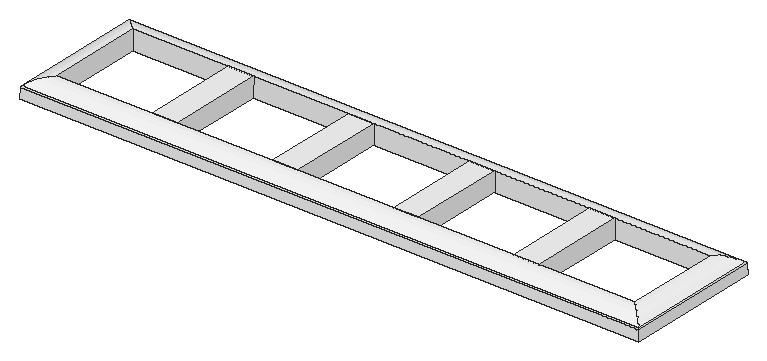
Revit family "Gira_021504", category Electrical Fixtures, host Face, Revit 2017
Family settings
  Host = Face
  Maintain Annotation Orientation = No
  Round Connector Dimension = Use Diameter
  Part Type = Normal
  Cut with Voids When Loaded = No
  Shared = No
  Room Calculation Point = No
Parameters (values of type "Abdeckrahmen 5f Standard 55 Reinweiß m")
  Werkstoffgüte = "Thermoplast"
  Werkstoff = "Kunststoff"
  URL = "http://katalog.gira.de/de_DE/datenblatt.html?artikelnr=021504"
  Transparent = "No"
  Textfeld/Beschriftungsfläche = "No"
  Schutzart (IP) = "IP20"
  Region = "DE"
  RAL-Nummer (ähnlich) = "9010 "
  Oberfläche = "sonstige"
  Name = "Abdeckrahmen 5f Standard 55 Reinweiß m"
  Montagerichtung = "horizontal und vertikal"
  Mit Montagerahmen = "No"
  Mit Klappdeckel = "No"
  Manufacturer URL = "https://www.gira.de/"
  Keynote = "Std55_Rahmen_5fach"
  HeinzeBIM = "https://bimportal.heinze.de/bim/abdeckrahmen-5f-standard-55-reinweiss-m/7f0b6860699ee6589bcf477035a2f0aeaa21aac3"
  Halogenfrei = "Yes"
  HAN = "021504"
  Geeignet für Unterputz-Installation = "Yes"
  Geeignet für Unterflurkanaldose = "No"
  Geeignet für Geräteeinbaukanal = "No"
  Geeignet für Einbauinstallation = "No"
  GTIN = "4010337215042"
  Farbe = "weiß"
  Default Elevation = 1219.2 mm
  Data sheet (1) = "https://katalog.gira.de/de_DE/download.html?artikelnr=021504"
  Category = "Abdeckrahmen"
  Befestigungsart = "Klemmbefestigung"
  Available = "Yes"
  Ausführung der Oberfläche = "matt"
  Anzahl der Einheiten vertikal = "5 "
  Anzahl der Einheiten horizontal = "5 "
  Anzahl der Einheiten = "5 "
Reference planes
  plane 1 "Center (Front/Back)": y = 0
  plane 2: z = 0
  plane 3 "Center (Left/Right)": x = 0
  plane 4: x = -40.3
  plane 5: x = 40.3
  plane 6: y = 183
  plane 7: y = -183
  plane 8: y = 35.7
  plane 9: y = -35.7
  plane 10: y = 107
  plane 11: y = -107
Forms (mm)
  Sweep 1, solid, material "White", detail levels fine
    path origin (0, 0, 0) x (0, -1, 0) y (1, 0, 0)
      loop
        line (40.3, 183) -> (-40.3, 183) -> (-40.3, -183) -> (40.3, -183) -> (40.3, 183)
    profile origin (183, 0, 0) x (-1, 0, 0) y (0, 0, 1)
      loop
        arc (12.22, 11.373) -> (5.983, 10.294) -> (0.641, 6.901) r 16.145
        arc (0.641, 6.901) -> (0.395, 6.426) -> (0.309, 5.898) r 1.694
        line (0.309, 5.898) -> (0, 0) -> (12.319, 0) -> (12.22, 11.373)
  Extrusion 2, solid, material "White", detail levels fine
    sketch origin (-107, 0, 0) x (1, 0, 0) y (0, 0, 1)
      loop
        line (7.4, 0) -> (7.4, 11.373) -> (-7.4, 11.373) -> (-7.4, 0) -> (7.4, 0)
    from -28.08 to 28.08
  Extrusion 3, solid, material "White", detail levels fine
    sketch origin (107, 0, 0) x (1, 0, 0) y (0, 0, 1)
      loop
        line (7.4, 0) -> (7.4, 11.373) -> (-7.4, 11.373) -> (-7.4, 0) -> (7.4, 0)
    from -28.08 to 28.08
  Extrusion 4, solid, material "White", detail levels fine
    sketch origin (35.7, 0, 0) x (1, 0, 0) y (0, 0, 1)
      loop
        line (7.4, 0) -> (7.4, 11.373) -> (-7.4, 11.373) -> (-7.4, 0) -> (7.4, 0)
    from -28.08 to 28.08
  Extrusion 5, solid, material "White", detail levels fine
    sketch origin (-35.7, 0, 0) x (1, 0, 0) y (0, 0, 1)
      loop
        line (7.4, 0) -> (7.4, 11.373) -> (-7.4, 11.373) -> (-7.4, 0) -> (7.4, 0)
    from -28.08 to 28.08
  Extrusion 6, solid, material "White", detail levels coarse+medium
    sketch origin (0, 0, 0) x (0, -1, 0) y (1, 0, 0)
      loop
        line (-39.659, 182.359) -> (-39.659, -182.365) -> (39.665, -182.365) -> (39.665, 182.359) -> (-39.659, 182.359)
    from 0 to 11.373
Dimensions and locks
  aligned and locked: plane 2 to host face
  aligned and locked: level to host face
